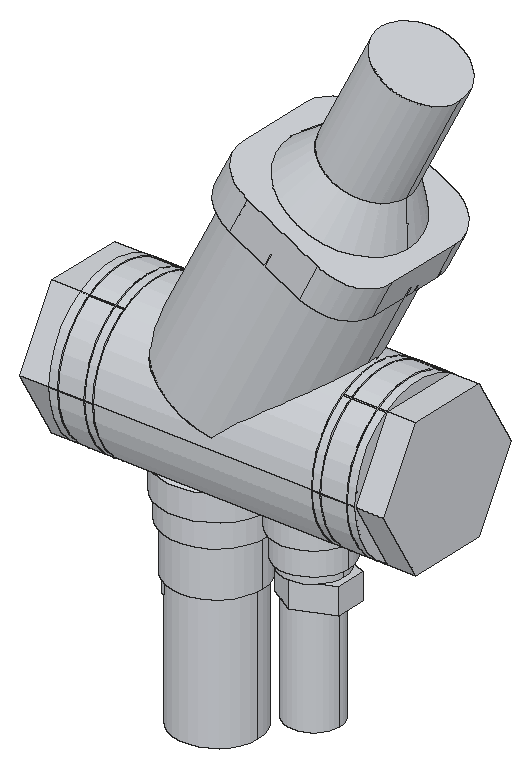
Revit family "Sigma_Compact_DN025 LF_s vyp_RFA_2018", category Pipe Accessories, Revit 2018
Family settings
  Round Connector Dimension = Use Diameter
  Part Type = Valve - Breaks Into
  Work Plane-Based = No
  Always vertical = Yes
  Cut with Voids When Loaded = No
  Shared = No
Parameters (values of type "Sigma Compact DN 25 LF s vypouštěním")
  magiProductId = "c12e4a96aaac41ec97144b6aa94874"
  magiProductFamilyId = "b36b5fd198d64ff2a1a242d49e26b9"
  magiPartTypeId = 304
  isMeasuringValve [instance] = no
  ang2D [instance] = 0.00°
  Z6 = 27 mm
  Z5 = 63 mm
  Z4 = 54 mm
  Z3 = 9 mm
  Z2 = 45 mm
  XR2 = 25 mm
  XR1 = 13 mm
  W2D = 15 mm
  VersionID = "2.0/2018.12.13.2/FRESE_SIGMA_PLUG_Q13_001"
  Use Minimum Symbol Size [instance] = no
  URL = "www.hydronic.cz"
  Type Comments = "závitový; vnitřní závit; PN25; max dp=400kPa; -10~+120°C; max uzavírací tlak 1MPa"
  R4 = 15 mm
  R3 = 10 mm
  R2 = 18 mm
  R1 = 19 mm
  QmdConnectorList = "301;D;302;D"
  Productdata [instance] = ""
  NL__ve = -NL  # -16.6 mm
  NL = 16.6 mm
  Manufacturer = "Hydronic Systems Prague s.r.o."
  MC Use Limits From Balancing Method = no
  MC Throttling Minimum Value = 0
  MC Throttling Maximum Value = 0
  MC Product Code = "53-2228 DN25 FF s měřením a vypouštěním; (95-2000 l/h); kvs=3,9"
  MC Pressure Drop Minimum Value = 0.0 Pa
  MC Pressure Drop Maximum Value = 0.0 Pa
  MC Piping Given Pressure Drop [instance] = 0.0 Pa
  M5 = 34.9 mm
  M4 = 32.9 mm
  M3 = 26.9 mm
  M2 = 24.9 mm
  LP = 41.5 mm
  LM = 49.8 mm
  LL__ve = -LL  # -5.9 mm
  LLT__ve = -LLT  # -16.3 mm
  LLT = 16.3 mm
  LLL = 11 mm
  LL3 = 43 mm
  LL2 = 34 mm
  LL = 5.9 mm
  L3 = 11 mm
  L2D_Min = 30.48 mm
  L2D = 65 mm
  Description = "Automatický vyvažovací ventil"
  DR1 = yes
  DR0 = no
  DL2 = 68 mm
  D = 25 mm
  CenSd_R2_6 = R2 * cos(30.00°)  # 15.588 mm
  CAT0 = yes
  C0D1 = yes
  C0D0 = no
Types (3, lengths in mm): name | magiProductId | Z6 | Z5 | Z4 | Z3 | Z2 | R2 | NL__ve | NL | MC Product Code | M5 | M4 | M3 | M2 | LP | LM | LL__ve | LLT__ve | LLT | LL3 | LL2 | LL | DL2 | D | CenSd_R2_6
  Sigma Compact DN 15 LF s vypouštěním | "4da2706faa094394a6b47e72802cb6" | 26.1 | 60.9 | 52.2 | 8.7 | 43.5 | 14 | -15 | 15 | "53-2220 DN15 FF s měřením a vypouštěním; (40-900 l/h); kvs=2,6" | 32.5 | 30.5 | 24.5 | 22.5 | 37.5 | 45 | -5.7 | -14.9 | 14.9 | 41 | 32 | 5.7 | 66 | 15 | 12.124
  Sigma Compact DN 20 LF s vypouštěním | "4441b8ffc9524b918ae82076b70c18" | 26.1 | 60.9 | 52.2 | 8.7 | 43.5 | 14 | -15.8 | 15.8 | "53-2222 DN20 FF s měřením a vypouštěním; (86-1550 l/h); kvs=4,0" | 33.7 | 31.7 | 25.7 | 23.7 | 39.5 | 47.4 | -5.7 | -14.9 | 14.9 | 41 | 32 | 5.7 | 66 | 20 | 12.124
  Sigma Compact DN 25 LF s vypouštěním | "c12e4a96aaac41ec97144b6aa94874" | 27 | 63 | 54 | 9 | 45 | 18 | -16.6 | 16.6 | "53-2228 DN25 FF s měřením a vypouštěním; (95-2000 l/h); kvs=3,9" | 34.9 | 32.9 | 26.9 | 24.9 | 41.5 | 49.8 | -5.9 | -16.3 | 16.3 | 43 | 34 | 5.9 | 68 | 25 | 15.588
Reference planes
  plane 1 "Center (Front/Back)": y = 0
  plane 2 "XYPLANE": z = 0
  plane 3 "Center (Left/Right)": x = 0
  plane 4 "408": x = 41.5
  plane 5 "407": x = -41.5
  plane 6 "404": z = -37.1
  plane 7 "403": z = -43
  plane 8 "402": z = -68
  plane 9 "213": x = -11
  plane 10 "168": z = -12.3
  plane 11 "167": z = -14.3
  plane 12 "166": z = -20.2
  plane 13 "165": z = -26.1
  plane 14 "164": z = -28.1
  plane 15 "154": z = 0
  plane 16 "152": y = 0
  plane 17 "151": z = -34
  plane 18 "150": x = 11
  plane 19 "75": through (318.218, 0, 679.605) normal (0.891, 0, -0.454)
  plane 20 "74": x = 34.9
  plane 21 "73": x = 32.9
  plane 22 "72": x = 26.9
  plane 23 "71": x = 24.9
  plane 24 "70": x = -34.9
  plane 25 "69": x = -32.9
  plane 26 "68": x = -26.9
  plane 27 "67": y = 0
  plane 28 "66": through (-666.893, 0, 343.166) normal (0.454, 0, 0.891)
  plane 29 "65": x = -24.9
  plane 30 "64": through (335.147, 0, 670.979) normal (0.891, 0, -0.454)
  plane 31 "63": through (-647.825, 0, 380.588) normal (0.454, 0, 0.891)
  plane 32 "62": through (352.076, 0, 662.353) normal (0.891, 0, -0.454)
  plane 33 "61": y = 19
  plane 34 "60": y = -19
  plane 35 "59": through (-643.739, 0, 388.607) normal (0.454, 0, 0.891)
  plane 36 "58": through (-639.653, 0, 396.626) normal (0.454, 0, 0.891)
  plane 37 "56": x = 0
  plane 38 "55": through (-668.255, 0, 340.493) normal (0.454, 0, 0.891)
  plane 39 "102XY": through (-668.255, 0, 340.493) normal (0.454, 0, 0.891)
  plane 40 "102XZ": y = 0
  plane 41 "102YZ": through (340.493, 0, 668.255) normal (0.891, 0, -0.454)
Forms (mm)
  Extrusion 1, solid
    sketch origin (41.5, -750, 0) x (0, 1, 0) y (0, 0, 1)
      loop
        line (768, 0) -> (759, 15.588) -> (741, 15.588) -> (732, 0) -> (741, -15.588) -> (759, -15.588) -> (768, 0)
    from 0 to -16.6 <- "NL__ve"
  Extrusion 2, solid
    sketch origin (-41.5, -750, 0) x (0, 1, 0) y (0, 0, 1)
      loop
        line (732, 0) -> (741, -15.588) -> (759, -15.588) -> (768, 0) -> (759, 15.588) -> (741, 15.588) -> (732, 0)
    from 0 to 16.6 <- "NL"
  Extrusion 3, solid, visible <- "C0D1"
    sketch origin (-750, 0, -68) x (1, 0, 0) y (0, 1, 0)
      loop
        circle (739, 0) r 9.4
    from 0 to 50
  Extrusion 4, solid, visible <- "DR1"
    sketch origin (-750, 0, -37.1) x (1, 0, 0) y (0, 1, 0)
      loop
        line (739, -8) -> (745.928, -4) -> (745.928, 4) -> (739, 8) -> (729.672, 4) -> (729.672, -4) -> (739, -8)
    from 0 to -5.9 <- "LL__ve"
  Extrusion 5, solid, visible <- "DR1"
    sketch origin (-750, 0, -37.1) x (1, 0, 0) y (0, 1, 0)
      loop
        circle (739, 0) r 10.4
    from 0 to 11 <- "LLL"
  Extrusion 6, solid, visible <- "DR1"
    sketch origin (-750, 0, -26.1) x (1, 0, 0) y (0, 1, 0)
      loop
        circle (739, 0) r 11.4
    from 0 to 5.9 <- "LL"
  Extrusion 7, solid, visible <- "DR1"
    sketch origin (-750, 0, -20.2) x (1, 0, 0) y (0, 1, 0)
      loop
        circle (739, 0) r 12.4
    from 0 to 5.9 <- "LL"
  Blend 8, solid, visible <- "DR1"
    base sketch origin (-750, 0, -12.3) x (1, 0, 0) y (0, 1, 0)
      loop
        circle (739, 0) r 9.9
    top sketch origin (-750, 0, -12.3) x (1, 0, 0) y (0, 1, 0)
      loop
        circle (739, 0) r 12.4
    from 0 to -2
  Extrusion 9, solid, visible <- "DR1"
    sketch origin (-750, 0, 0) x (1, 0, 0) y (0, 1, 0)
      loop
        circle (739, 0) r 9.9
    from 0 to -16.3 <- "LLT__ve"
  Extrusion 10, solid, visible <- "C0D0"
    sketch origin (-750, 0, -34) x (1, 0, 0) y (0, 1, 0)
      loop
        circle (739, 0) r 8.4
    from 0 to -25
  Extrusion 11, solid, visible <- "DR0"
    sketch origin (-750, 0, -28.1) x (1, 0, 0) y (0, 1, 0)
      loop
        line (739, -7) -> (745.062, -3.5) -> (745.062, 3.5) -> (739, 7) -> (730.538, 3.5) -> (730.538, -3.5) -> (739, -7)
    from 0 to -5.9 <- "LL__ve"
  Extrusion 12, solid, visible <- "DR0"
    sketch origin (-750, 0, -28.1) x (1, 0, 0) y (0, 1, 0)
      loop
        circle (739, 0) r 9.4
    from 0 to 2
  Extrusion 13, solid, visible <- "DR0"
    sketch origin (-750, 0, -20.2) x (1, 0, 0) y (0, 1, 0)
      loop
        circle (739, 0) r 11.4
    from 0 to 5.9 <- "LL"
  Blend 14, solid, visible <- "DR0"
    base sketch origin (-750, 0, -12.3) x (1, 0, 0) y (0, 1, 0)
      loop
        circle (739, 0) r 8.9
    top sketch origin (-750, 0, -12.3) x (1, 0, 0) y (0, 1, 0)
      loop
        circle (739, 0) r 11.4
    from 0 to -2
  Extrusion 15, solid, visible <- "DR0"
    sketch origin (-750, 0, 0) x (1, 0, 0) y (0, 1, 0)
      loop
        circle (739, 0) r 8.9
    from 0 to -16.3 <- "LLT__ve"
  Extrusion 16, solid, visible <- "DR0"
    sketch origin (-750, 0, 0) x (1, 0, 0) y (0, 1, 0)
      loop
        circle (739, 0) r 8.9
    from 0 to -16.3 <- "LLT__ve"
  Blend 17, solid, visible <- "DR0"
    base sketch origin (-750, 0, -12.3) x (1, 0, 0) y (0, 1, 0)
      loop
        circle (739, 0) r 8.9
    top sketch origin (-750, 0, -12.3) x (1, 0, 0) y (0, 1, 0)
      loop
        circle (739, 0) r 11.4
    from 0 to -2
  Extrusion 18, solid, visible <- "DR0"
    sketch origin (-750, 0, -20.2) x (1, 0, 0) y (0, 1, 0)
      loop
        circle (739, 0) r 11.4
    from 0 to 5.9 <- "LL"
  Extrusion 19, solid, visible <- "DR0"
    sketch origin (-750, 0, -26.1) x (1, 0, 0) y (0, 1, 0)
      loop
        circle (739, 0) r 10.4
    from 0 to 5.9 <- "LL"
  Extrusion 20, solid, visible <- "DR0"
    sketch origin (-750, 0, -28.1) x (1, 0, 0) y (0, 1, 0)
      loop
        circle (739, 0) r 9.4
    from 0 to 2
  Extrusion 21, solid, visible <- "DR0"
    sketch origin (-750, 0, -28.1) x (1, 0, 0) y (0, 1, 0)
      loop
        line (739, -7) -> (745.062, -3.5) -> (745.062, 3.5) -> (739, 7) -> (730.538, 3.5) -> (730.538, -3.5) -> (739, -7)
    from 0 to -5.9 <- "LL__ve"
  Extrusion 22, solid, visible <- "C0D0"
    sketch origin (-750, 0, -34) x (1, 0, 0) y (0, 1, 0)
      loop
        circle (739, 0) r 8.4
    from 0 to -25
  Extrusion 23, solid, visible <- "CAT0"
    sketch origin (-750, 0, -34) x (1, 0, 0) y (0, 1, 0)
      loop
        circle (761, 0) r 6
    from 0 to -25
  Extrusion 24, solid
    sketch origin (-750, 0, -28.1) x (1, 0, 0) y (0, 1, 0)
      loop
        line (761, -7) -> (769.462, -3.5) -> (769.462, 3.5) -> (761, 7) -> (754.938, 3.5) -> (754.938, -3.5) -> (761, -7)
    from 0 to -5.9 <- "LL__ve"
  Extrusion 25, solid
    sketch origin (-750, 0, -28.1) x (1, 0, 0) y (0, 1, 0)
      loop
        circle (761, 0) r 7
    from 0 to 2
  Extrusion 26, solid
    sketch origin (-750, 0, -26.1) x (1, 0, 0) y (0, 1, 0)
      loop
        circle (761, 0) r 8
    from 0 to 5.9 <- "LL"
  Extrusion 27, solid
    sketch origin (-750, 0, -20.2) x (1, 0, 0) y (0, 1, 0)
      loop
        circle (761, 0) r 9
    from 0 to 5.9 <- "LL"
  Blend 28, solid
    base sketch origin (-750, 0, -12.3) x (1, 0, 0) y (0, 1, 0)
      loop
        circle (761, 0) r 6.5
    top sketch origin (-750, 0, -12.3) x (1, 0, 0) y (0, 1, 0)
      loop
        circle (761, 0) r 9
    from 0 to -2
  Extrusion 29, solid
    sketch origin (-750, 0, 0) x (1, 0, 0) y (0, 1, 0)
      loop
        circle (761, 0) r 6.5
    from 0 to -16.3 <- "LLT__ve"
  Blend 30, solid, visible <- "CAT0"
    base sketch origin (32.9, -750, 0) x (0, 1, 0) y (0, 0, 1)
      loop
        circle (750, 0) r 18
    top sketch origin (32.9, -750, 0) x (0, 1, 0) y (0, 0, 1)
      loop
        circle (750, 0) r 18
    from 0 to 2
  Extrusion 31, solid, visible <- "CAT0"
    sketch origin (26.9, -750, 0) x (0, 1, 0) y (0, 0, 1)
      loop
        circle (750, 0) r 18
    from 0 to 6
  Blend 32, solid, visible <- "CAT0"
    base sketch origin (24.9, -750, 0) x (0, 1, 0) y (0, 0, 1)
      loop
        circle (750, 0) r 18
    top sketch origin (24.9, -750, 0) x (0, 1, 0) y (0, 0, 1)
      loop
        circle (750, 0) r 18
    from 0 to 2
  Blend 33, solid, visible <- "CAT0"
    base sketch origin (-32.9, -750, 0) x (0, 1, 0) y (0, 0, 1)
      loop
        circle (750, 0) r 18
    top sketch origin (-32.9, -750, 0) x (0, 1, 0) y (0, 0, 1)
      loop
        circle (750, 0) r 18
    from 0 to -2
  Extrusion 34, solid, visible <- "CAT0"
    sketch origin (-32.9, -750, 0) x (0, 1, 0) y (0, 0, 1)
      loop
        circle (750, 0) r 18
    from 0 to 6
  Blend 35, solid, visible <- "CAT0"
    base sketch origin (-26.9, -750, 0) x (0, 1, 0) y (0, 0, 1)
      loop
        circle (750, 0) r 18
    top sketch origin (-26.9, -750, 0) x (0, 1, 0) y (0, 0, 1)
      loop
        circle (750, 0) r 18
    from 0 to 2
  Extrusion 36, solid, visible <- "CAT0"
    sketch origin (-24.9, -750, 0) x (0, 1, 0) y (0, 0, 1)
      loop
        circle (750, 0) r 18
    from 0 to 49.8 <- "LM"
  Extrusion 37, solid, visible <- "CAT0"
    sketch origin (-666.893, 0, 343.166) x (0.891007, 0, -0.45399) y (0, 1, 0)
      loop
        circle (744, 0) r 19
    from 0 to 45 <- "Z2"
  Extrusion 38, solid, visible <- "CAT0"
    sketch origin (-647.825, 0, 380.588) x (0.891007, 0, -0.45399) y (0, 1, 0)
      loop
        arc (735, 19) -> (727.929, 16.071) -> (725, 9) r 10
        line (725, 9) -> (725, -9)
        arc (725, -9) -> (727.929, -16.071) -> (735, -19) r 10
        line (735, -19) -> (753, -19)
        arc (753, -19) -> (760.071, -16.071) -> (763, -9) r 10
        line (763, -9) -> (763, 9)
        arc (763, 9) -> (760.071, 16.071) -> (753, 19) r 10
        line (753, 19) -> (735, 19)
    from 0 to 9 <- "Z3"
  Blend 39, solid, visible <- "CAT0"
    base sketch origin (-643.739, 0, 388.607) x (0.891007, 0, -0.45399) y (0, 1, 0)
      loop
        circle (744, 0) r 15
    top sketch origin (-643.739, 0, 388.607) x (0.891007, 0, -0.45399) y (0, 1, 0)
      loop
        circle (744, 0) r 10
    from 0 to 9
  Extrusion 40, solid, visible <- "CAT0"
    sketch origin (-639.653, 0, 396.626) x (0.891007, 0, -0.45399) y (0, 1, 0)
      loop
        circle (744, 0) r 10
    from 0 to 27 <- "Z6"
  Blend 41, solid, visible <- "CAT0"
    base sketch origin (-668.255, 0, 340.493) x (0.891007, 0, -0.45399) y (0, 1, 0)
      loop
        circle (744, 0) r 15
    top sketch origin (-668.255, 0, 340.493) x (0.891007, 0, -0.45399) y (0, 1, 0)
      loop
        circle (744, 0) r 19
    from 0 to 3
  Extrusion 42, solid, not visible
    sketch origin (-34.9, -750, 0) x (0, 1, 0) y (0, 0, 1)
      loop
        circle (750, 0) r 10
    from 0 to 10
  Extrusion 43, solid, not visible
    sketch origin (34.9, -750, 0) x (0, 1, 0) y (0, 0, 1)
      loop
        circle (750, 0) r 10
    from 0 to -10
Lines and regions (mm)
  reference lines, not visible
    curve 1: circle (2, 2, 0) r 1 normal (0, 0, 1)
  reference lines
    curve 2: line (41.5, 0, 0) -> (41.5, -3.5, 6.062)
    curve 3: line (41.5, 0, 0) -> (41.5, -7, 0)
    curve 4: line (41.5, 0, 0) -> (41.5, -3.5, -6.062)
    curve 5: line (-41.5, 0, 0) -> (-41.5, 3.5, 6.062)
    curve 6: line (-41.5, 0, 0) -> (-41.5, 7, 0)
    curve 7: line (-41.5, 0, 0) -> (-41.5, 3.5, -6.062)
Dimensions and locks
  plane 1 "Center (Front/Back)" to curve 1 = 2 mm
  "LP": plane 37 "56" to plane 4 "408"
  "LP": plane 37 "56" to plane 5 "407"
  "LL": plane 7 "403" to plane 6 "404"
  "LL3": plane 2 "XYPLANE" to plane 7 "403"
  "DL2": plane 2 "XYPLANE" to plane 8 "402"
  "L3": plane 3 "Center (Left/Right)" to plane 9 "213"
  locked: plane 11 "167" to plane 10 "168" at 2
  "LL": plane 12 "166" to plane 11 "167"
  "LL": plane 13 "165" to plane 12 "166"
  locked: plane 14 "164" to plane 13 "165" at 2
  "LL": plane 17 "151" to plane 14 "164"
  locked: plane 2 "XYPLANE" to plane 15 "154"
  locked: plane 1 "Center (Front/Back)" to plane 16 "152"
  "LL2": plane 2 "XYPLANE" to plane 17 "151"
  "L3": plane 3 "Center (Left/Right)" to plane 18 "150"
  "XR2": plane 41 "102YZ" to plane 19 "75"
  "M5": plane 3 "Center (Left/Right)" to plane 20 "74"
  "M4": plane 3 "Center (Left/Right)" to plane 21 "73"
  "M3": plane 3 "Center (Left/Right)" to plane 22 "72"
  "M2": plane 3 "Center (Left/Right)" to plane 23 "71"
  "M5": plane 3 "Center (Left/Right)" to plane 24 "70"
  "M4": plane 3 "Center (Left/Right)" to plane 25 "69"
  "M3": plane 3 "Center (Left/Right)" to plane 26 "68"
  locked: plane 16 "152" to plane 27 "67"
  locked: plane 39 "102XY" to plane 28 "66" at 3
  "M2": plane 3 "Center (Left/Right)" to plane 29 "65"
  locked: plane 41 "102YZ" to plane 30 "64" at 6
  "Z2": plane 39 "102XY" to plane 31 "63"
  "XR1": plane 41 "102YZ" to plane 32 "62"
  "R1": plane 16 "152" to plane 33 "61"
  "R1": plane 16 "152" to plane 34 "60"
  "Z4": plane 39 "102XY" to plane 35 "59"
  "Z5": plane 39 "102XY" to plane 36 "58"
  locked: plane 3 "Center (Left/Right)" to plane 37 "56"
  locked: plane 39 "102XY" to plane 38 "55"
  "CenSd_R2_6": curve 2 to Extrusion 1 sketch curve  (x2)
  "CenSd_R2_6": curve 3 to Extrusion 1 sketch curve  (x2)
  "CenSd_R2_6": curve 4 to Extrusion 1 sketch curve  (x2)
  Extrusion 1 sketch curve to Extrusion 1 sketch curve = 0 mm  (x12)
  "CenSd_R2_6": curve 5 to Extrusion 2 sketch curve  (x2)
  "CenSd_R2_6": curve 6 to Extrusion 2 sketch curve  (x2)
  "CenSd_R2_6": curve 7 to Extrusion 2 sketch curve  (x2)
  Extrusion 2 sketch curve to Extrusion 2 sketch curve = 0 mm  (x12)
  Extrusion 4 sketch curve to Extrusion 4 sketch curve = 0 mm  (x12)
  Extrusion 11 sketch curve to Extrusion 11 sketch curve = 0 mm  (x12)
  Extrusion 21 sketch curve to Extrusion 21 sketch curve = 0 mm  (x12)
  Extrusion 24 sketch curve to Extrusion 24 sketch curve = 0 mm  (x12)
  Extrusion 38 sketch curve to Extrusion 38 sketch curve = 0 mm  (x16)
  "R2": radius of Blend 30 sketch curve  (x2)
  "R2": radius of Extrusion 31 sketch curve
  "R2": radius of Blend 32 sketch curve  (x2)
  "R2": radius of Blend 33 sketch curve  (x2)
  "R2": radius of Extrusion 34 sketch curve
  "R2": radius of Blend 35 sketch curve  (x2)
  "R2": radius of Extrusion 36 sketch curve
  "R1": radius of Extrusion 37 sketch curve
  radius of Extrusion 38 sketch curve = 10 mm  (x4)
  "R3": radius of Blend 39 sketch curve
  "R4": radius of Blend 39 sketch curve
  "R3": radius of Extrusion 40 sketch curve
  "R1": radius of Blend 41 sketch curve
  locked: curve 3 to curve 2 (angle 60.00°)
  locked: curve 4 to curve 3 (angle 60.00°)
  locked: curve 4 to curve 2 (angle 120.00°)
  locked: curve 6 to curve 5 (angle 60.00°)
  locked: curve 7 to curve 6 (angle 60.00°)
  locked: curve 7 to curve 5 (angle 120.00°)
  aligned and locked: level to plane 2 "XYPLANE"
  aligned and locked: plane 15 "154" to curve 4
  aligned and locked: curve 4 to plane 16 "152"
  aligned and locked: plane 15 "154" to curve 7
  aligned and locked: curve 7 to plane 16 "152"
  aligned and locked: plane 9 "213" to Extrusion 3 sketch curve
  aligned and locked: plane 16 "152" to Extrusion 3 sketch curve
  aligned and locked: plane 9 "213" to Extrusion 5 sketch curve
  aligned and locked: plane 16 "152" to Extrusion 5 sketch curve
  aligned and locked: plane 9 "213" to Extrusion 6 sketch curve
  aligned and locked: plane 16 "152" to Extrusion 6 sketch curve
  aligned and locked: plane 9 "213" to Extrusion 7 sketch curve
  aligned and locked: plane 16 "152" to Extrusion 7 sketch curve
  aligned and locked: plane 9 "213" to Blend 8 sketch curve  (x2)
  aligned and locked: plane 16 "152" to Blend 8 sketch curve  (x2)
  aligned and locked: Blend 8 to plane 11 "167"
  aligned and locked: plane 9 "213" to Extrusion 9 sketch curve
  aligned and locked: plane 16 "152" to Extrusion 9 sketch curve
  aligned and locked: plane 9 "213" to Extrusion 10 sketch curve
  aligned and locked: plane 16 "152" to Extrusion 10 sketch curve
  aligned and locked: plane 9 "213" to Extrusion 12 sketch curve
  aligned and locked: plane 16 "152" to Extrusion 12 sketch curve
  aligned and locked: plane 9 "213" to Extrusion 13 sketch curve
  aligned and locked: plane 16 "152" to Extrusion 13 sketch curve
  aligned and locked: plane 9 "213" to Blend 14 sketch curve  (x2)
  aligned and locked: plane 16 "152" to Blend 14 sketch curve  (x2)
  aligned and locked: Blend 14 to plane 11 "167"
  aligned and locked: plane 9 "213" to Extrusion 15 sketch curve
  aligned and locked: plane 16 "152" to Extrusion 15 sketch curve
  aligned and locked: plane 9 "213" to Extrusion 16 sketch curve
  aligned and locked: plane 16 "152" to Extrusion 16 sketch curve
  aligned and locked: plane 9 "213" to Blend 17 sketch curve  (x2)
  aligned and locked: plane 16 "152" to Blend 17 sketch curve  (x2)
  aligned and locked: Blend 17 to plane 11 "167"
  aligned and locked: plane 9 "213" to Extrusion 18 sketch curve
  aligned and locked: plane 16 "152" to Extrusion 18 sketch curve
  aligned and locked: plane 9 "213" to Extrusion 19 sketch curve
  aligned and locked: plane 16 "152" to Extrusion 19 sketch curve
  aligned and locked: plane 9 "213" to Extrusion 20 sketch curve
  aligned and locked: plane 16 "152" to Extrusion 20 sketch curve
  aligned and locked: plane 9 "213" to Extrusion 22 sketch curve
  aligned and locked: plane 16 "152" to Extrusion 22 sketch curve
  aligned and locked: plane 16 "152" to Extrusion 23 sketch curve
  aligned and locked: plane 18 "150" to Extrusion 23 sketch curve
  aligned and locked: plane 16 "152" to Extrusion 25 sketch curve
  aligned and locked: plane 18 "150" to Extrusion 25 sketch curve
  aligned and locked: plane 16 "152" to Extrusion 26 sketch curve
  aligned and locked: plane 18 "150" to Extrusion 26 sketch curve
  aligned and locked: plane 16 "152" to Extrusion 27 sketch curve
  aligned and locked: plane 18 "150" to Extrusion 27 sketch curve
  aligned and locked: plane 16 "152" to Blend 28 sketch curve  (x2)
  aligned and locked: plane 18 "150" to Blend 28 sketch curve  (x2)
  aligned and locked: Blend 28 to plane 11 "167"
  aligned and locked: plane 16 "152" to Extrusion 29 sketch curve
  aligned and locked: plane 18 "150" to Extrusion 29 sketch curve
  aligned and locked: plane 15 "154" to Blend 30 sketch curve  (x2)
  aligned and locked: Blend 30 sketch curve to plane 16 "152"  (x2)
  aligned and locked: plane 20 "74" to Blend 30
  aligned and locked: plane 15 "154" to Extrusion 31 sketch curve
  aligned and locked: Extrusion 31 sketch curve to plane 16 "152"
  aligned and locked: plane 15 "154" to Blend 32 sketch curve  (x2)
  aligned and locked: Blend 32 sketch curve to plane 16 "152"  (x2)
  aligned and locked: plane 22 "72" to Blend 32
  aligned and locked: plane 15 "154" to Blend 33 sketch curve  (x2)
  aligned and locked: Blend 33 sketch curve to plane 16 "152"  (x2)
  aligned and locked: Blend 33 to plane 24 "70"
  aligned and locked: plane 15 "154" to Extrusion 34 sketch curve
  aligned and locked: Extrusion 34 sketch curve to plane 16 "152"
  aligned and locked: plane 15 "154" to Blend 35 sketch curve  (x2)
  aligned and locked: Blend 35 sketch curve to plane 16 "152"  (x2)
  aligned and locked: plane 29 "65" to Blend 35
  aligned and locked: plane 15 "154" to Extrusion 36 sketch curve
  aligned and locked: Extrusion 36 sketch curve to plane 16 "152"
  aligned and locked: plane 27 "67" to Extrusion 37 sketch curve
  aligned and locked: Extrusion 37 sketch curve to plane 30 "64"
  aligned and locked: Extrusion 38 sketch curve to plane 19 "75"
  aligned and locked: Extrusion 38 sketch curve to plane 34 "60"
  aligned and locked: Extrusion 38 sketch curve to plane 32 "62"
  aligned and locked: plane 33 "61" to Extrusion 38 sketch curve
  aligned and locked: plane 27 "67" to Blend 39 sketch curve  (x2)
  aligned and locked: Blend 39 sketch curve to plane 30 "64"  (x2)
  aligned and locked: plane 36 "58" to Blend 39
  aligned and locked: plane 27 "67" to Extrusion 40 sketch curve
  aligned and locked: Extrusion 40 sketch curve to plane 30 "64"
  aligned and locked: plane 27 "67" to Blend 41 sketch curve  (x2)
  aligned and locked: Blend 41 sketch curve to plane 30 "64"  (x2)
  aligned and locked: plane 28 "66" to Blend 41
  aligned and locked: plane 15 "154" to Extrusion 42 sketch curve
  aligned and locked: Extrusion 42 sketch curve to plane 16 "152"
  aligned and locked: plane 15 "154" to Extrusion 43 sketch curve
  aligned and locked: Extrusion 43 sketch curve to plane 16 "152"
Automatic sketch dimensions
  plane 29 "65" to Extrusion 3 sketch curve = 4.5 mm
  Extrusion 4 sketch curve to plane 9 "213" = 0 mm  (x2)
  plane 29 "65" to Extrusion 4 sketch curve = 4.572 mm
  Extrusion 4 sketch curve to plane 3 "Center (Left/Right)" = 4.072 mm
  plane 1 "Center (Front/Back)" to Extrusion 4 sketch curve = 8 mm
  plane 1 "Center (Front/Back)" to Extrusion 4 sketch curve = 4 mm  (x2)
  Extrusion 4 sketch curve to plane 1 "Center (Front/Back)" = 4 mm  (x2)
  Extrusion 4 sketch curve to Extrusion 4 sketch curve = 4 mm
  plane 29 "65" to Extrusion 5 sketch curve = 3.5 mm
  plane 29 "65" to Extrusion 6 sketch curve = 2.5 mm
  plane 29 "65" to Extrusion 7 sketch curve = 1.5 mm
  plane 29 "65" to Blend 8 sketch curve = 4 mm
  plane 29 "65" to Blend 8 sketch curve = 1.5 mm
  plane 29 "65" to Extrusion 9 sketch curve = 4 mm
  plane 29 "65" to Extrusion 10 sketch curve = 5.5 mm
  Extrusion 11 sketch curve to plane 9 "213" = 0 mm  (x2)
  plane 29 "65" to Extrusion 11 sketch curve = 5.438 mm
  Extrusion 11 sketch curve to plane 3 "Center (Left/Right)" = 4.938 mm
  plane 1 "Center (Front/Back)" to Extrusion 11 sketch curve = 7 mm
  plane 1 "Center (Front/Back)" to Extrusion 11 sketch curve = 3.5 mm  (x2)
  Extrusion 11 sketch curve to plane 1 "Center (Front/Back)" = 3.5 mm  (x2)
  Extrusion 11 sketch curve to Extrusion 11 sketch curve = 3.5 mm
  plane 29 "65" to Extrusion 12 sketch curve = 4.5 mm
  plane 29 "65" to Extrusion 13 sketch curve = 2.5 mm
  plane 29 "65" to Blend 14 sketch curve = 5 mm
  plane 29 "65" to Blend 14 sketch curve = 2.5 mm
  plane 29 "65" to Extrusion 15 sketch curve = 5 mm
  plane 29 "65" to Extrusion 16 sketch curve = 5 mm
  plane 29 "65" to Blend 17 sketch curve = 5 mm
  plane 29 "65" to Blend 17 sketch curve = 2.5 mm
  plane 29 "65" to Extrusion 18 sketch curve = 2.5 mm
  plane 29 "65" to Extrusion 19 sketch curve = 3.5 mm
  plane 29 "65" to Extrusion 20 sketch curve = 4.5 mm
  Extrusion 21 sketch curve to plane 9 "213" = 0 mm  (x2)
  plane 29 "65" to Extrusion 21 sketch curve = 5.438 mm
  Extrusion 21 sketch curve to plane 3 "Center (Left/Right)" = 4.938 mm
  plane 1 "Center (Front/Back)" to Extrusion 21 sketch curve = 7 mm
  plane 1 "Center (Front/Back)" to Extrusion 21 sketch curve = 3.5 mm  (x2)
  Extrusion 21 sketch curve to plane 1 "Center (Front/Back)" = 3.5 mm  (x2)
  Extrusion 21 sketch curve to Extrusion 21 sketch curve = 3.5 mm
  plane 29 "65" to Extrusion 22 sketch curve = 5.5 mm
  plane 3 "Center (Left/Right)" to Extrusion 23 sketch curve = 5 mm
  Extrusion 24 sketch curve to plane 18 "150" = 0 mm  (x2)
  plane 3 "Center (Left/Right)" to Extrusion 24 sketch curve = 4.938 mm
  Extrusion 24 sketch curve to plane 23 "71" = 5.438 mm
  plane 1 "Center (Front/Back)" to Extrusion 24 sketch curve = 7 mm
  plane 1 "Center (Front/Back)" to Extrusion 24 sketch curve = 3.5 mm  (x2)
  Extrusion 24 sketch curve to plane 1 "Center (Front/Back)" = 3.5 mm  (x2)
  Extrusion 24 sketch curve to Extrusion 24 sketch curve = 3.5 mm
  plane 3 "Center (Left/Right)" to Extrusion 25 sketch curve = 4 mm
  plane 3 "Center (Left/Right)" to Extrusion 26 sketch curve = 3 mm
  plane 3 "Center (Left/Right)" to Extrusion 27 sketch curve = 2 mm
  plane 3 "Center (Left/Right)" to Blend 28 sketch curve = 4.5 mm
  plane 3 "Center (Left/Right)" to Blend 28 sketch curve = 2 mm
  plane 3 "Center (Left/Right)" to Extrusion 29 sketch curve = 4.5 mm
  plane 19 "75" to Blend 41 sketch curve = 4 mm
  plane 34 "60" to Extrusion 42 sketch curve = 9 mm
  plane 34 "60" to Extrusion 43 sketch curve = 9 mm
  plane 3 "Center (Left/Right)" to curve 1 = 2 mm
  radius of curve 1 = 1 mm
Connectors
  piping at (-34.9, 0, 0), diameter 25, driven by "D"
    settings: on Extrusion 42, index 1, connector inside diameter 609.6 mm, connector length 0 mm, flow factor 0, pipe flow 0.0 L/s, pressure drop 0.0 Pa, fitting loss kfactor 0, connector angle 0.00°, fixture units 0, engagement length 0 mm, angle of deflection 0.00°, flow configuration 0, flow direction 0, fitting loss method 0, system type 29, joint type 0, gender type 0, connector reference index 2, connector utility 0, adjustable connector no, is connector primary yes, connector description ""
  piping at (34.9, 0, 0), diameter 25, driven by "D"
    settings: on Extrusion 43, index 2, connector inside diameter 609.6 mm, connector length 0 mm, flow factor 0, pipe flow 0.0 L/s, pressure drop 0.0 Pa, fitting loss kfactor 0, connector angle 0.00°, fixture units 0, engagement length 0 mm, angle of deflection 0.00°, flow configuration 0, flow direction 0, fitting loss method 0, system type 29, joint type 0, gender type 0, connector reference index 1, connector utility 0, adjustable connector no, is connector primary no, connector description ""
